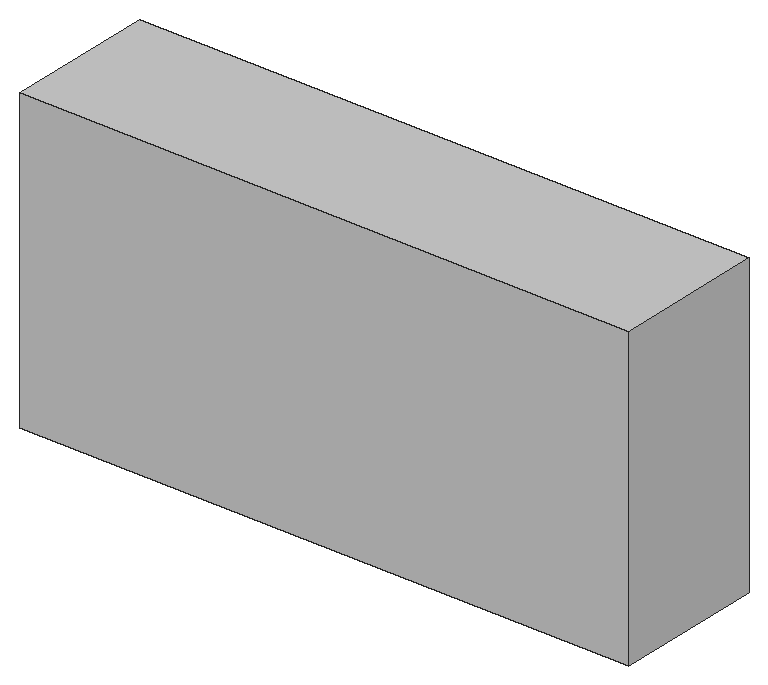
Revit family "BTC-DamCN_BeTong", category Structural Framing, Revit 2025
Family settings
  Display in Hidden Views = Edges Hidden by Other Members
  Structural Framing Length Roundoff = 0 mm
  Section Shape = Not Defined
  Material for Model Behavior = Concrete
  Always export as geometry = No
  OmniClass Number = 23.25.30.11.14.14
  OmniClass Title = Beams
  Always vertical = Yes
  Cut with Voids When Loaded = No
  Symbolic Representation = From Family
  Shared = No
  Show family pre-cut in plan views = Yes
Parameters (values of type "300 x 600mm")
  Structural Material [instance] = Concrete, Cast-in-Place gray
  Assembly Code = ""
  Length [instance] = 1524 mm
  b = 300 mm
  h = 600 mm
Reference planes
  plane 1 "Center (Front/Back)": y = 0
  plane 2: z = 0
  plane 3 "Center (Left/Right)": x = 4.61
  plane 4 "Member Left": x = -604.99
  plane 5 "Member Right": x = 614.21
  plane 6: y = 150
  plane 7: y = -150
  plane 8: z = 300
  plane 9 "Bottom": z = -300
  plane 10 "Left": x = -757.39
  plane 11 "Right": x = 766.61
Forms (mm)
  Sweep 1, solid, material "Concrete, Cast-in-Place gray" <- "Structural Material"
    path origin (0, 0, 0) x (1, 0, 0) y (0, 1, 0)
      loop
        line (614.21, 0) -> (-604.99, 0)
    profile "M_Rectangular Beam-Profile : M_Rectangular Beam-Profile" origin (4.61, 0, 0) x (0, -1, 0) y (0, 0, 1)
      loop
        line (-150, -300) -> (150, -300) -> (150, 300) -> (-150, 300) -> (-150, -300)
Dimensions and locks
  "b": plane 6 to plane 7
  equal spacing: plane 9 "Bottom", plane 2, plane 8
  equal spacing: plane 6, plane 1 "Center (Front/Back)", plane 7
  "h": plane 9 "Bottom" to plane 8
  "Length": plane 10 "Left" to plane 11 "Right"
  aligned and locked: Sweep 1 sketch curve to plane 1 "Center (Front/Back)"
  aligned and locked: plane 4 "Member Left" to Sweep 1 sketch curve
  aligned and locked: plane 5 "Member Right" to Sweep 1 sketch curve
